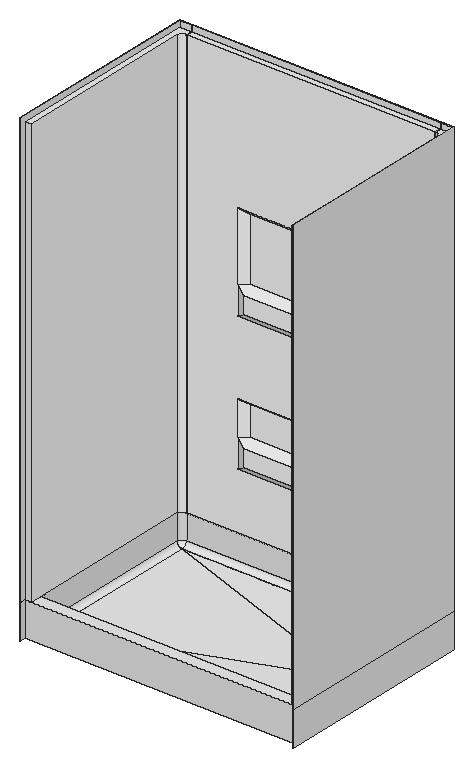
Revit family "4LDS4834L-R", category Plumbing Fixtures, Revit 2017
Family settings
  Round Connector Dimension = Use Diameter
  Part Type = Normal
  OmniClass Number = 23.45.05.14.17
  OmniClass Title = Showers
  Work Plane-Based = No
  Always vertical = Yes
  Cut with Voids When Loaded = No
  Shared = No
  Room Calculation Point = No
Parameters (values of type "4LDS4834L/R")
  Unit Width = 48"
  Unit Height = 82"
  URL = "http://www.bestbath.com/"
  Type Comments = "Remodeler"
  Model = "4LDS4834L/R"
  Material [instance] = Best Bath Gelcoat Fiberglass - Diamond Tile
  Manufacturer = "Best Bath Systems, Inc."
  Keynote = "22 40 00.B3"
  Description = "Diamond Tile"
  Assembly Code = "D2010710"
Reference planes (in)
  plane 1 "Back": y = -0.5
  plane 2: z = 0
  plane 3 "Left": x = 0
  plane 4: x = 48
  plane 5: y = -34.5
  plane 6: z = 81
  plane 7: z = 0.75
  plane 8: z = 82
  plane 9: x = 42
  plane 10: y = -1.75
  plane 11: y = -16.25
  plane 12: z = 0.375
  plane 13: z = 6
  plane 14: y = -35.5
  plane 15: z = 21
  plane 16: z = 45
Forms (in)
  Extrusion 1, solid, material "Best Bath Gelcoat Fiberglass - Smooth"
    sketch origin (0, 0, 0) x (1, 0, 0) y (0, 1, 0)
      loop
        line (0, -0.5) -> (0, -34.5) -> (48, -34.5) -> (48, -0.5) -> (0, -0.5)
      loop
        circle (42, -16.25) r 2.0625
    from 0 to 0.75
  Extrusion 2, solid, material "Best Bath Gelcoat Fiberglass - Smooth"
    sketch origin (0, 0, 0) x (1, 0, 0) y (0, 1, 0)
      loop
        line (2.25, -0.5) -> (2.25, -1.75) -> (45.75, -1.75) -> (45.75, -0.5) -> (2.25, -0.5)
    from 6 to 81
  Extrusion 3, solid, material "Best Bath Gelcoat Fiberglass - Smooth"
    sketch origin (0, 0, 0) x (1, 0, 0) y (0, 1, 0)
      loop
        line (0, -34.5) -> (1.25, -34.5) -> (1.25, -2.75)
        arc (1.25, -2.75) -> (1.54289, -2.04289) -> (2.25, -1.75) r 1
        line (2.25, -1.75) -> (45.75, -1.75)
        arc (45.75, -1.75) -> (46.45711, -2.04289) -> (46.75, -2.75) r 1
        line (46.75, -2.75) -> (46.75, -34.5) -> (48, -34.5) -> (48, -0.5) -> (0, -0.5) -> (0, -34.5)
    from 0 to 6
  Sweep 4, solid, material "Best Bath Gelcoat Fiberglass - Smooth"
    path origin (0, 0, 0) x (1, 0, 0) y (0, 1, 0)
      loop
        line (1.25, -34.5) -> (1.25, -2.75)
        arc (1.25, -2.75) -> (1.54289, -2.04289) -> (2.25, -1.75) r 1
        line (2.25, -1.75) -> (45.75, -1.75)
        arc (45.75, -1.75) -> (46.45711, -2.04289) -> (46.75, -2.75) r 1
        line (46.75, -2.75) -> (46.75, -34.5)
    profile origin (1.25, -18.625, 0) x (-1, 0, 0) y (0, 0, 1)
      loop
        line (0, 0.75) -> (0, 1.65)
        arc (0, 1.65) -> (-0.2636, 1.0136) -> (-0.9, 0.75) r 0.9
        line (-0.9, 0.75) -> (0, 0.75)
  Blend 5, void
    base sketch origin (0, 0, 0) x (1, 0, 0) y (0, 1, 0)
      loop
        line (2.25, -31.5) -> (45.75, -31.5) -> (45.75, -2.75) -> (2.25, -2.75) -> (2.25, -31.5)
    top sketch origin (0, 0, 0) x (1, 0, 0) y (0, 1, 0)
      loop
        circle (42, -16.25) r 0.0706
    from 0.75 to 0.375
  Extrusion 6, solid, material "Best Bath Gelcoat Fiberglass - Smooth"
    sketch origin (0, 0, 0) x (1, 0, 0) y (0, 1, 0)
      loop
        line (0, -34.5) -> (1.25, -34.5) -> (1.25, -2.75)
        arc (1.25, -2.75) -> (1.54289, -2.04289) -> (2.25, -1.75) r 1
        line (2.25, -1.75) -> (2.25, -0.5) -> (0, -0.5) -> (0, -34.5)
      loop
        line (48, -34.5) -> (48, -0.5) -> (45.75, -0.5) -> (45.75, -1.75)
        arc (45.75, -1.75) -> (46.45711, -2.04289) -> (46.75, -2.75) r 1
        line (46.75, -2.75) -> (46.75, -34.5) -> (48, -34.5)
    from 6 to 81
  Sweep 7, solid, material "Best Bath Gelcoat Fiberglass - Smooth"
    path origin (0, 0, 0) x (1, 0, 0) y (0, 1, 0)
      loop
        line (1.25, -34.5) -> (46.75, -34.5)
    profile origin (24, -34.5, 0) x (0, 1, 0) y (0, 0, 1)
      loop
        line (0, 0) -> (3.14286, 0) -> (2, 6) -> (0, 6) -> (0, 0)
  Extrusion 8, solid, material "Best Bath Gelcoat Fiberglass - Smooth"
    sketch origin (0, 0, 0) x (1, 0, 0) y (0, 1, 0)
      loop
        line (0, -35.5) -> (0.125, -35.5) -> (0.125, -0.625) -> (47.875, -0.625) -> (47.875, -35.5) -> (48, -35.5) -> (48, -0.5) -> (0, -0.5) -> (0, -35.5)
    from 0 to 6
  Extrusion 9, solid, material "Best Bath Gelcoat Fiberglass - Smooth"
    sketch origin (0, 0, 0) x (1, 0, 0) y (0, 1, 0)
      loop
        line (0, -0.5) -> (0, -35.5) -> (0.125, -35.5) -> (0.125, -0.625) -> (2.25, -0.625) -> (2.25, -0.5) -> (0, -0.5)
      loop
        line (48, -0.5) -> (45.75, -0.5) -> (45.75, -0.625) -> (47.875, -0.625) -> (47.875, -35.5) -> (48, -35.5) -> (48, -0.5)
    from 6 to 82
  Extrusion 10, solid, material "Best Bath Gelcoat Fiberglass - Smooth"
    sketch origin (0, 0, 0) x (1, 0, 0) y (0, 1, 0)
      loop
        line (2.25, -0.625) -> (45.75, -0.625) -> (45.75, -0.5) -> (2.25, -0.5) -> (2.25, -0.625)
    from 81 to 82
  Blend 11, void
    base sketch origin (-36.37365, -38.25, -22.75) x (1, 0, 0) y (0, 0, 1)
      loop
        line (47.62365, 43.75) -> (75.62365, 43.75) -> (75.62365, 49.75) -> (47.62365, 49.75) -> (47.62365, 43.75)
    top sketch origin (-36.37365, -38.25, -22.75) x (1, 0, 0) y (0, 0, 1)
      loop
        line (48.87365, 43.75) -> (74.37365, 43.75) -> (74.37365, 49) -> (48.87365, 49) -> (48.87365, 43.75)
    from -36.5 to -37.5
  Blend 12, void
    base sketch origin (-30.18512, -38.25, 1) x (1, 0, 0) y (0, 0, 1)
      loop
        line (41.43512, 44) -> (69.43512, 44) -> (69.43512, 56) -> (41.43512, 56) -> (41.43512, 44)
    top sketch origin (-30.18512, -38.25, 1) x (1, 0, 0) y (0, 0, 1)
      loop
        line (42.68512, 44) -> (68.18512, 44) -> (68.18512, 55) -> (42.68512, 55) -> (42.68512, 44)
    from -36.5 to -37.5
  Blend 13, solid, material "Best Bath Gelcoat Fiberglass - Smooth"
    base sketch origin (-17.05106, -37.75, -23) x (1, 0, 0) y (0, 0, 1)
      loop
        line (56.30106, 44) -> (28.30106, 44) -> (28.30106, 39) -> (56.30106, 39) -> (56.30106, 44)
    top sketch origin (-17.05106, -37.75, -23) x (1, 0, 0) y (0, 0, 1)
      loop
        line (30.80106, 44) -> (30.80106, 41) -> (53.80106, 41) -> (53.80106, 44) -> (30.80106, 44)
    from -36 to -34
  Blend 14, solid, material "Best Bath Gelcoat Fiberglass - Smooth"
    base sketch origin (-17.05106, -37.75, 1) x (1, 0, 0) y (0, 0, 1)
      loop
        line (56.30106, 44) -> (28.30106, 44) -> (28.30106, 39) -> (56.30106, 39) -> (56.30106, 44)
    top sketch origin (-17.05106, -37.75, 1) x (1, 0, 0) y (0, 0, 1)
      loop
        line (30.80106, 44) -> (30.80106, 41) -> (53.80106, 41) -> (53.80106, 44) -> (30.80106, 44)
    from -36 to -34
Cuts and joins
  Blend 5 cuts Extrusion 1
  Blend 5 cuts Extrusion 3
  Blend 5 cuts Sweep 4
  joined: Extrusion 1, Extrusion 3, Sweep 4, Sweep 7, Extrusion 8
  joined: Extrusion 6, Extrusion 9
  Blend 11, Blend 12 cuts Extrusion 2
  Blend 11, Blend 12 cuts Extrusion 10
  joined: Extrusion 2, Extrusion 10, Blend 13, Blend 14
Dimensions and locks (in)
  "Unit Width": plane 3 "Left" to plane 4
  locked: plane 7 to level at 0.75
  locked: plane 8 to plane 6 at 1
  "Unit Height": plane 8 to level
  plane 3 "Left" to plane 9 to plane 4 = 42", 6"
  plane 1 "Back" to plane 11 = 15 3/4"
  locked: plane 10 to plane 1 "Back" at 1.25
  locked: plane 7 to plane 12 at 0.375
  locked: plane 13 to level at 6
  locked: plane 5 to plane 14 at 1
  locked: plane 14 to plane 1 "Back" at 35
  locked: plane 15 to level at 21
  locked: plane 16 to plane 15 at 24
  aligned and locked: level to plane 2
  aligned and locked: Extrusion 1 to plane 7
  aligned and locked: plane 5 to Extrusion 1 sketch curve
  aligned and locked: plane 4 to Extrusion 1 sketch curve
  aligned and locked: Extrusion 2 sketch curve to Extrusion 1
  aligned and locked: Extrusion 2 sketch curve to plane 10
  aligned and locked: plane 11 to Extrusion 1 sketch curve
  aligned and locked: plane 9 to Extrusion 1 sketch curve
  aligned and locked: plane 13 to Extrusion 3
  aligned and locked: Sweep 4 sketch curve to plane 7
  aligned and locked: plane 11 to Blend 5 sketch curve
  aligned and locked: plane 9 to Blend 5 sketch curve
  aligned and locked: Extrusion 1 to Blend 5
  aligned and locked: Blend 5 to plane 12
  aligned and locked: Extrusion 2 to plane 13
  aligned and locked: plane 6 to Extrusion 2
  aligned and locked: Extrusion 6 to Extrusion 2
  aligned and locked: plane 6 to Extrusion 6
  aligned and locked: Extrusion 8 to Extrusion 2
  aligned and locked: Extrusion 9 to Extrusion 2
  aligned and locked: plane 8 to Extrusion 9
  aligned and locked: Extrusion 10 to plane 6
  aligned and locked: plane 8 to Extrusion 10
  aligned and locked: cut or joined group of Extrusion 2, Extrusion 10, Blend 11, Blend 12, Blend 13, Blend 14 to plane 15
  aligned and locked: cut or joined group of Extrusion 2, Extrusion 10, Blend 11, Blend 12, Blend 13, Blend 14 to plane 16
  aligned and locked: plane 15 to Blend 13
  aligned and locked: plane 16 to Blend 14
Automatic sketch dimensions
  Extrusion 1 sketch curve to plane 3 "Left" = 0"
  plane 1 "Back" to Extrusion 1 sketch curve = 0"
  plane 1 "Back" to Extrusion 3 sketch curve = 0"
  Extrusion 3 sketch curve to plane 3 "Left" = 0"
  Extrusion 3 sketch curve to plane 5 = 0"  (x2)
  Extrusion 3 sketch curve to plane 10 = 0"
  Extrusion 3 sketch curve to plane 4 = 0"
  plane 4 to Extrusion 3 sketch curve = 1 1/4"
  Extrusion 3 sketch curve to plane 10 = 1"
  plane 3 "Left" to Extrusion 3 sketch curve = 1 1/4"
  Extrusion 3 sketch curve to Extrusion 3 sketch curve = 1"
  Sweep 4 sketch curve to plane 10 = 0"
  plane 3 "Left" to Sweep 4 sketch curve = 1 1/4"
  Sweep 4 sketch curve to plane 10 = 1"  (x2)
  Sweep 4 sketch curve to plane 5 = 0"  (x2)
  plane 4 to Sweep 4 sketch curve = 2 1/4"
  Sweep 4 sketch curve to profile plane = 0"
  level to Sweep 4 sketch curve = 1.65"
  Sweep 7 sketch curve to plane 5 = 0"
  plane 3 "Left" to Sweep 7 sketch curve = 1 1/4"
  plane 4 to Sweep 7 sketch curve = 1 1/4"
  Sweep 7 sketch curve to profile plane = 0"
  level to Sweep 7 sketch curve = 6"
  Sweep 7 sketch curve to profile plane = 2"
  level to Sweep 7 sketch curve = 0"
  Sweep 7 sketch curve to profile plane = 3.14286"
  Blend 5 sketch curve to plane 10 = 1"
  plane 3 "Left" to Blend 5 sketch curve = 2 1/4"
  plane 5 to Blend 5 sketch curve = 3"
  plane 4 to Blend 5 sketch curve = 2 1/4"
  plane 1 "Back" to Extrusion 8 sketch curve = 0"
  Extrusion 8 sketch curve to plane 3 "Left" = 0"
  Extrusion 8 sketch curve to plane 14 = 0"  (x2)
  Extrusion 8 sketch curve to plane 4 = 0"
  plane 3 "Left" to Extrusion 8 sketch curve = 1/8"
  plane 4 to Extrusion 8 sketch curve = 1/8"
  plane 1 "Back" to Extrusion 8 sketch curve = 1/8"
  Extrusion 6 sketch curve to plane 3 "Left" = 0"
  Extrusion 6 sketch curve to plane 5 = 0"  (x2)
  plane 1 "Back" to Extrusion 6 sketch curve = 0"  (x2)
  Extrusion 6 sketch curve to plane 10 = 0"  (x2)
  Extrusion 6 sketch curve to plane 4 = 0"
  plane 3 "Left" to Extrusion 6 sketch curve = 1 1/4"
  Extrusion 6 sketch curve to plane 10 = 1"
  plane 4 to Extrusion 6 sketch curve = 2 1/4"
  plane 4 to Extrusion 6 sketch curve = 1 1/4"
  plane 4 to Extrusion 2 sketch curve = 2 1/4"
  plane 3 "Left" to Extrusion 2 sketch curve = 2 1/4"
  Extrusion 9 sketch curve to plane 3 "Left" = 0"
  Extrusion 9 sketch curve to plane 14 = 0"  (x2)
  plane 1 "Back" to Extrusion 9 sketch curve = 0"  (x2)
  Extrusion 9 sketch curve to plane 4 = 0"
  plane 3 "Left" to Extrusion 9 sketch curve = 1/8"
  plane 1 "Back" to Extrusion 9 sketch curve = 1/8"  (x2)
  Extrusion 9 sketch curve to Extrusion 9 sketch curve = 2 1/8"
  plane 4 to Extrusion 9 sketch curve = 2 1/4"
  plane 4 to Extrusion 9 sketch curve = 1/8"
  plane 1 "Back" to Extrusion 10 sketch curve = 0"
  plane 3 "Left" to Extrusion 10 sketch curve = 2 1/4"
  plane 4 to Extrusion 10 sketch curve = 2 1/4"
  plane 1 "Back" to Extrusion 10 sketch curve = 1/8"
  Blend 13 sketch curve to plane 15 = 0"  (x2)
  plane 3 "Left" to Blend 13 sketch curve = 11 1/4"
  plane 9 to Blend 13 sketch curve = 2 3/4"
  Blend 13 sketch curve to plane 15 = 5"
  Blend 13 sketch curve to plane 15 = 3"
  plane 3 "Left" to Blend 13 sketch curve = 13 3/4"
  plane 9 to Blend 13 sketch curve = 5 1/4"
  Blend 11 sketch curve to plane 15 = 0"  (x2)
  plane 3 "Left" to Blend 11 sketch curve = 11 1/4"
  plane 9 to Blend 11 sketch curve = 2 3/4"
  plane 15 to Blend 11 sketch curve = 6"
  plane 15 to Blend 11 sketch curve = 5 1/4"
  plane 3 "Left" to Blend 11 sketch curve = 12 1/2"
  plane 9 to Blend 11 sketch curve = 4"
  Blend 12 sketch curve to plane 16 = 0"  (x2)
  plane 3 "Left" to Blend 12 sketch curve = 11 1/4"
  plane 9 to Blend 12 sketch curve = 2 3/4"
  Blend 12 sketch curve to Blend 12 sketch curve = 12"
  plane 3 "Left" to Blend 12 sketch curve = 12 1/2"
  plane 9 to Blend 12 sketch curve = 4"
  plane 16 to Blend 12 sketch curve = 11"
  Blend 14 sketch curve to plane 16 = 0"  (x2)
  plane 3 "Left" to Blend 14 sketch curve = 11 1/4"
  plane 9 to Blend 14 sketch curve = 2 3/4"
  Blend 14 sketch curve to Blend 14 sketch curve = 5"
  Blend 14 sketch curve to plane 16 = 3"
  plane 3 "Left" to Blend 14 sketch curve = 13 3/4"
  plane 9 to Blend 14 sketch curve = 5 1/4"
  radius of Extrusion 1 sketch curve = 2 1/16"
  radius of Blend 5 sketch curve = 0.0706"
